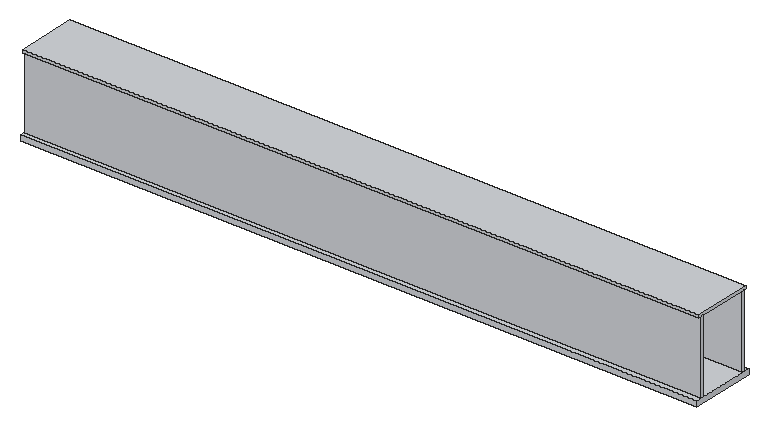
Revit family "StructuralFraming_FabricatedBoxProfile", category Structural Framing, Revit 2018
Family settings
  Structural Framing Length Roundoff = 1 mm
  Section Shape = User Defined
  Material for Model Behavior = Steel
  Always export as geometry = No
  Always vertical = Yes
  Cut with Voids When Loaded = No
  Symbolic Representation = From Project Settings
  Shared = No
  Show family pre-cut in plan views = Yes
Parameters (values of type "FabricatedBoxProfile")
  Width = 200 mm
  Web Thickness = 0.8 cm
  Top Right Corbel Width = 1.0 cm
  Top Left Corbel Width = 1.0 cm
  Top Flange Thickness = 1.0 cm
  Structural Material [instance] = none
  Length [instance] = 3000 mm
  Height = 300 mm
  Centroid Vertical = 150 mm
  Centroid Horizontal = 120 mm
  Bottom Right Corbel Width = 2.0 cm
  Bottom Left Corbel Width = 2.0 cm
  Bottom Flange Thickness = 2.0 cm
Reference planes
  plane 1 "Center (Front/Back)": y = 0
  plane 2 "Center Elevation": z = 0
  plane 3 "Center (Left/Right)": x = 0
  plane 4 "Left": x = -1500
  plane 5 "Member Left": x = -1250
  plane 6 "Stick Symbol Left": x = -1000
  plane 7 "Right": x = 1500
  plane 8 "Member Right": x = 1250
  plane 9 "Stick Symbol Right": x = 1000
  plane 10: y = 100
  plane 11: y = -100
  plane 12: z = 150
  plane 13: z = -150
  plane 14: z = 140
  plane 15: z = -130
  plane 16: y = -92
  plane 17: y = 92
  plane 18: y = -120
  plane 19: y = 120
  plane 20: y = 110
  plane 21: y = -110
Forms (mm)
  Extrusion 1, solid, material <- "Structural Material", detail levels medium+fine
    sketch origin (0, 0, 0) x (0, 1, 0) y (0, 0, 1)
      loop
        line (120, -130) -> (-120, -130) -> (-120, -150) -> (120, -150) -> (120, -130)
    from -1250 to 1250
  Extrusion 2, solid, material <- "Structural Material", detail levels medium+fine
    sketch origin (0, -13.297, 83.954) x (0, 1, 0) y (0, 0, 1)
      loop
        line (-78.703, 56.046) -> (-86.703, 56.046) -> (-86.703, -213.954) -> (-78.703, -213.954) -> (-78.703, 56.046)
    from -1250 to 1250
  Extrusion 3, solid, material <- "Structural Material", detail levels medium+fine
    sketch origin (0, -13.297, 118.954) x (0, 1, 0) y (0, 0, 1)
      loop
        line (113.297, 21.046) -> (105.297, 21.046) -> (105.297, -248.954) -> (113.297, -248.954) -> (113.297, 21.046)
    from -1250 to 1250
  Extrusion 4, solid, material <- "Structural Material", detail levels medium+fine
    sketch origin (0, -0.356, 167.25) x (0, 1, 0) y (0, 0, 1)
      loop
        line (110.356, -17.25) -> (-109.644, -17.25) -> (-109.644, -27.25) -> (110.356, -27.25) -> (110.356, -17.25)
    from -1250 to 1250
Lines and regions (mm)
  model lines, style "Stick Symbols", detail levels coarse
    curve 1: line (-1000, 0, 0) -> (1000, 0, 0)
  model lines, style "Stick Symbols"
    curve 2: line (-1250, 120, -150) -> (-1250, -120, -150)
    curve 3: line (-1250, 110, 150) -> (-1250, -110, 150)
    curve 4: line (-1250, 100, -150) -> (-1250, 100, 150)
    curve 5: line (-1250, -100, -150) -> (-1250, -100, 150)
Dimensions and locks
  equal spacing: plane 4 "Left", plane 3 "Center (Left/Right)", plane 7 "Right"
  "Length": plane 4 "Left" to plane 7 "Right"
  "Height": plane 13 to plane 12
  "Centroid Vertical": plane 2 "Center Elevation" to plane 13
  "Width": plane 10 to plane 11
  "Bottom Right Corbel Width": plane 11 to plane 18
  "Bottom Left Corbel Width": plane 19 to plane 10
  "Top Left Corbel Width": plane 20 to plane 10
  "Top Right Corbel Width": plane 11 to plane 21
  "Web Thickness": plane 10 to plane 17
  "Web Thickness": plane 16 to plane 11
  "Top Flange Thickness": plane 14 to plane 12
  "Bottom Flange Thickness": plane 13 to plane 15
  plane 19 to plane 1 "Center (Front/Back)" to plane 18 = 120 mm, 120 mm
  "Centroid Horizontal": plane 19 to plane 1 "Center (Front/Back)"
  aligned and locked: plane 5 "Member Left" to Extrusion 1
  aligned and locked: Extrusion 1 to plane 8 "Member Right"
  aligned and locked: plane 1 "Center (Front/Back)" to curve 1
  aligned and locked: plane 6 "Stick Symbol Left" to curve 1
  aligned and locked: plane 9 "Stick Symbol Right" to curve 1
  aligned and locked: level to plane 2 "Center Elevation"
  aligned and locked: Extrusion 2 sketch curve to plane 11
  aligned and locked: plane 16 to Extrusion 2 sketch curve
  aligned and locked: plane 15 to Extrusion 2 sketch curve
  aligned and locked: Extrusion 2 sketch curve to plane 14
  aligned and locked: Extrusion 4 sketch curve to plane 12
  aligned and locked: plane 14 to Extrusion 4 sketch curve
  aligned and locked: plane 20 to Extrusion 4 sketch curve
  aligned and locked: Extrusion 4 sketch curve to plane 21
  aligned and locked: Extrusion 3 sketch curve to plane 14
  aligned and locked: Extrusion 3 sketch curve to plane 17
  aligned and locked: plane 10 to Extrusion 3 sketch curve
  aligned and locked: plane 15 to Extrusion 3 sketch curve
  aligned and locked: plane 19 to Extrusion 1 sketch curve
  aligned and locked: Extrusion 1 sketch curve to plane 15
  aligned and locked: plane 13 to Extrusion 1 sketch curve
  aligned and locked: Extrusion 1 sketch curve to plane 18
  aligned and locked: plane 5 "Member Left" to Extrusion 4
  aligned and locked: Extrusion 4 to plane 8 "Member Right"
  aligned and locked: Extrusion 3 to plane 8 "Member Right"
  aligned and locked: plane 5 "Member Left" to Extrusion 3
  aligned and locked: plane 5 "Member Left" to Extrusion 2
  aligned and locked: Extrusion 2 to plane 8 "Member Right"
Automatic sketch dimensions
  curve 2 to Extrusion 1 = 0 mm  (x3)
  Extrusion 1 to curve 3 = 10 mm
  Extrusion 1 to curve 5 = 20 mm
  Extrusion 1 to curve 4 = 20 mm
  curve 4 to curve 3 = 10 mm
  curve 4 to Extrusion 1 = 280 mm
